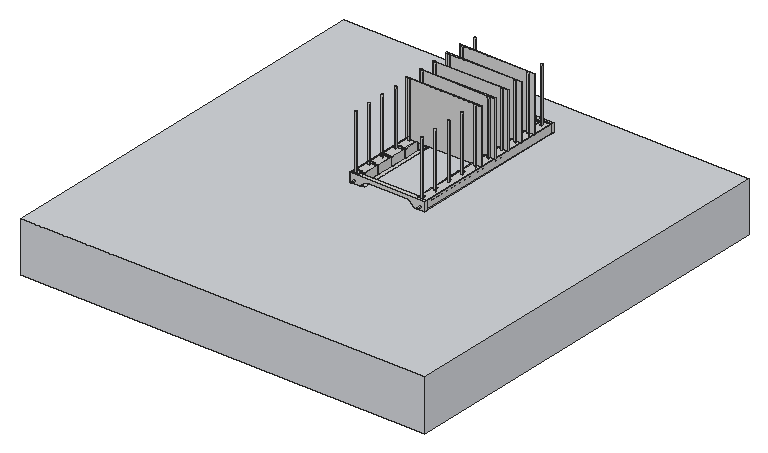
Revit family "QF_BOURGEAT_Etagères_murales_pliable_pour_plaques", category Equipement spécialisé, Revit 2015
Parameters
  URL catalogue = "http://www.bourgeat.fr"
  URL = ""
  Type article = ""
  Spécification du Fabricant = "Etagères murales pliable"
  Profondeur hors tout fermée = 53 mm
  Profondeur hors tout = 380 mm
  Modèle = "845010"
  Longueur hors tout = 455 mm
  Hauteur hors tout = 997 mm
  Fabricant = "BOURGEAT"
  Elévation par défaut = 1600 mm
  Description = ""
  Contact SAV = "0033(4).76.32.14.44"
  Type Comments = ""
  Charge max = 10.00 kg
Reference planes
  plane 1 "Centre (avant/arrière)": y = 0
  plane 2: z = 0
  plane 3 "Centre (gauche/droite)": x = 0
  plane 4: y = 997
  plane 5: x = -227.5
  plane 6: x = 227.5
  plane 7: z = 380
  plane 8: x = -127.5
  plane 9: x = 127.5
  plane 10: z = 40
  plane 11: y = 498.5
Forms (mm)
  Extrusion 1, solid
    sketch origin (0, 0, 0) x (1, 0, 0) y (0, 1, 0)
      loop
        line (-1219.2, 1219.2) -> (-1219.2, -1219.2) -> (1219.2, -1219.2) -> (1219.2, 1219.2) -> (-1219.2, 1219.2)
    from 0 to -304.8
  Extrusion 2, solid, material "Acier inox"
    sketch origin (0, 850.063, 0) x (1, 0, 0) y (0, 0, 1)
      loop
        line (227.5, 380) -> (-227.5, 380) -> (-227.5, 52) -> (227.5, 52) -> (227.5, 380)
    from 0 to -3
  Extrusion 3, solid, material "Acier inox"
    sketch origin (0, 0, 0) x (1, 0, 0) y (0, 0, 1)
      loop
        line (-164.05, 0) -> (-144.75, 0) -> (-144.75, 1.2) -> (-164.05, 1.2)
        arc (-164.05, 1.2) -> (-165.111, 1.639) -> (-165.55, 2.7) r 1.5
        line (-165.55, 2.7) -> (-165.55, 49.8)
        arc (-165.55, 49.8) -> (-166.194, 51.356) -> (-167.75, 52) r 2.2
        line (-167.75, 52) -> (-223.35, 52)
        arc (-223.35, 52) -> (-224.906, 51.356) -> (-225.55, 49.8) r 2.2
        line (-225.55, 49.8) -> (-225.55, 2.7)
        arc (-225.55, 2.7) -> (-224.759, 0.791) -> (-222.85, 0) r 2.7
        line (-222.85, 0) -> (-213.55, 0) -> (-213.55, 1.2) -> (-222.85, 1.2)
        arc (-222.85, 1.2) -> (-223.911, 1.639) -> (-224.35, 2.7) r 1.5
        line (-224.35, 2.7) -> (-224.35, 49.8)
        arc (-224.35, 49.8) -> (-224.057, 50.507) -> (-223.35, 50.8) r 1
        line (-223.35, 50.8) -> (-167.75, 50.8)
        arc (-167.75, 50.8) -> (-167.043, 50.507) -> (-166.75, 49.8) r 1
        line (-166.75, 49.8) -> (-166.75, 2.7)
        arc (-166.75, 2.7) -> (-165.959, 0.791) -> (-164.05, 0) r 2.7
      loop
        arc (164.05, 0) -> (165.959, 0.791) -> (166.75, 2.7) r 2.7
        line (166.75, 2.7) -> (166.75, 49.8)
        arc (166.75, 49.8) -> (167.043, 50.507) -> (167.75, 50.8) r 1
        line (167.75, 50.8) -> (223.35, 50.8)
        arc (223.35, 50.8) -> (224.057, 50.507) -> (224.35, 49.8) r 1
        line (224.35, 49.8) -> (224.35, 2.7)
        arc (224.35, 2.7) -> (223.911, 1.639) -> (222.85, 1.2) r 1.5
        line (222.85, 1.2) -> (213.55, 1.2) -> (213.55, 0) -> (222.85, 0)
        arc (222.85, 0) -> (224.759, 0.791) -> (225.55, 2.7) r 2.7
        line (225.55, 2.7) -> (225.55, 49.8)
        arc (225.55, 49.8) -> (224.906, 51.356) -> (223.35, 52) r 2.2
        line (223.35, 52) -> (167.75, 52)
        arc (167.75, 52) -> (166.194, 51.356) -> (165.55, 49.8) r 2.2
        line (165.55, 49.8) -> (165.55, 2.7)
        arc (165.55, 2.7) -> (165.111, 1.639) -> (164.05, 1.2) r 1.5
        line (164.05, 1.2) -> (144.75, 1.2) -> (144.75, 0) -> (164.05, 0)
    from -989 to -31.15
  Extrusion 4, solid, material "Acier inox"
    sketch origin (0, 0, 0) x (1, 0, 0) y (0, 0, 1)
      loop
        line (-227.75, 53.2) -> (-227.75, 1.2) -> (-226.55, 1.2) -> (-226.55, 52) -> (226.55, 52) -> (226.55, 1.2) -> (227.75, 1.2) -> (227.75, 53.2) -> (-227.75, 53.2)
    from -989.8 to -968
  Extrusion 5, solid, material "Acier inox"
    sketch origin (0, 997, 0) x (1, 0, 0) y (0, 0, -1)
      loop
        line (-227.75, -53.2) -> (227.75, -53.2) -> (227.75, -1.2) -> (226.55, -1.2) -> (226.55, -52) -> (-226.55, -52) -> (-226.55, -1.2) -> (-227.75, -1.2) -> (-227.75, -53.2)
    from -974.2 to -952.4
  Extrusion 6, void
    sketch origin (0, 0, 0) x (1, 0, 0) y (0, 1, 0)
      loop
        line (-227.75, 976) -> (-227.75, 968) -> (-170.422, 968)
        arc (-170.422, 968) -> (-173.429, 968.463) -> (-176.158, 969.808) r 10
        line (-176.158, 969.808) -> (-182.417, 974.192)
        arc (-182.417, 974.192) -> (-185.146, 975.537) -> (-188.153, 976) r 10
        line (-188.153, 976) -> (-227.75, 976)
      loop
        line (227.75, 976) -> (188.153, 976)
        arc (188.153, 976) -> (185.146, 975.537) -> (182.417, 974.192) r 10
        line (182.417, 974.192) -> (176.158, 969.808)
        arc (176.158, 969.808) -> (173.429, 968.463) -> (170.422, 968) r 10
        line (170.422, 968) -> (227.75, 968) -> (227.75, 976)
    from 0 to 53.2
  Extrusion 7, void
    sketch origin (0, 1012.6, 0) x (1, 0, 0) y (0, 1, 0)
      loop
        line (-227.75, -976) -> (-188.153, -976)
        arc (-188.153, -976) -> (-185.146, -975.537) -> (-182.417, -974.192) r 10
        line (-182.417, -974.192) -> (-176.158, -969.808)
        arc (-176.158, -969.808) -> (-173.429, -968.463) -> (-170.422, -968) r 10
        line (-170.422, -968) -> (-227.75, -968) -> (-227.75, -976)
      loop
        line (227.75, -976) -> (227.75, -968) -> (170.422, -968)
        arc (170.422, -968) -> (173.429, -968.463) -> (176.158, -969.808) r 10
        line (176.158, -969.808) -> (182.417, -974.192)
        arc (182.417, -974.192) -> (185.146, -975.537) -> (188.153, -976) r 10
        line (188.153, -976) -> (227.75, -976)
    from 0 to 53.2
  Extrusion 8, solid, material "Acier inox"
    sketch origin (0, 0, 0) x (1, 0, 0) y (0, 0, 1)
      loop
        line (-227.75, 53.2) -> (-227.75, 1.2) -> (-166.142, 1.2)
        arc (-166.142, 1.2) -> (-162.315, 1.961) -> (-159.071, 4.129) r 10
        line (-159.071, 4.129) -> (-135.858, 27.342)
        arc (-135.858, 27.342) -> (-129.369, 31.678) -> (-121.716, 33.2) r 20
        line (-121.716, 33.2) -> (121.716, 33.2)
        arc (121.716, 33.2) -> (129.369, 31.678) -> (135.858, 27.342) r 20
        line (135.858, 27.342) -> (159.071, 4.129)
        arc (159.071, 4.129) -> (162.315, 1.961) -> (166.142, 1.2) r 10
        line (166.142, 1.2) -> (227.75, 1.2) -> (227.75, 53.2) -> (-227.75, 53.2)
    from -992 to -989.8
  Extrusion 9, solid, material "Acier inox"
    sketch origin (0, -969.2, 0) x (1, 0, 0) y (0, 0, 1)
      loop
        line (-227.75, 53.2) -> (-227.75, 1.2) -> (-166.142, 1.2)
        arc (-166.142, 1.2) -> (-162.315, 1.961) -> (-159.071, 4.129) r 10
        line (-159.071, 4.129) -> (-135.858, 27.342)
        arc (-135.858, 27.342) -> (-129.369, 31.678) -> (-121.716, 33.2) r 20
        line (-121.716, 33.2) -> (121.716, 33.2)
        arc (121.716, 33.2) -> (129.369, 31.678) -> (135.858, 27.342) r 20
        line (135.858, 27.342) -> (159.071, 4.129)
        arc (159.071, 4.129) -> (162.315, 1.961) -> (166.142, 1.2) r 10
        line (166.142, 1.2) -> (227.75, 1.2) -> (227.75, 53.2) -> (-227.75, 53.2)
    from -992 to -990.8
  Extrusion 10, solid, material "Acier inox"
    sketch origin (0, 0, 0) x (1, 0, 0) y (0, 1, 0)
      loop
        circle (-209, 945) r 5
    from 1.2 to 380
  Extrusion 11, solid, material "Acier inox"
    sketch origin (400, 0, 0) x (1, 0, 0) y (0, 1, 0)
      loop
        circle (-209, 945) r 5
    from 1.2 to 380
  Extrusion 12, solid, material "Acier inox"
    sketch origin (0, -100, 0) x (1, 0, 0) y (0, 1, 0)
      loop
        circle (-209, 945) r 5
    from 1.2 to 380
  Extrusion 13, solid, material "Acier inox"
    sketch origin (400, -100, 0) x (1, 0, 0) y (0, 1, 0)
      loop
        circle (-209, 945) r 5
    from 1.2 to 380
  Extrusion 14, solid, material "Acier inox"
    sketch origin (0, -200, 0) x (1, 0, 0) y (0, 1, 0)
      loop
        circle (-209, 945) r 5
    from 1.2 to 380
  Extrusion 15, solid, material "Acier inox"
    sketch origin (400, -200, 0) x (1, 0, 0) y (0, 1, 0)
      loop
        circle (-209, 945) r 5
    from 1.2 to 380
  Extrusion 16, solid, material "Acier inox"
    sketch origin (0, -300, 0) x (1, 0, 0) y (0, 1, 0)
      loop
        circle (-209, 945) r 5
    from 1.2 to 380
  Extrusion 17, solid, material "Acier inox"
    sketch origin (400, -300, 0) x (1, 0, 0) y (0, 1, 0)
      loop
        circle (-209, 945) r 5
    from 1.2 to 380
  Extrusion 18, solid, material "Acier inox"
    sketch origin (0, -400, 0) x (1, 0, 0) y (0, 1, 0)
      loop
        circle (-209, 945) r 5
    from 1.2 to 380
  Extrusion 19, solid, material "Acier inox"
    sketch origin (400, -400, 0) x (1, 0, 0) y (0, 1, 0)
      loop
        circle (-209, 945) r 5
    from 1.2 to 380
  Extrusion 20, solid, material "Acier inox"
    sketch origin (0, -500, 0) x (1, 0, 0) y (0, 1, 0)
      loop
        circle (-209, 945) r 5
    from 1.2 to 380
  Extrusion 21, solid, material "Acier inox"
    sketch origin (400, -500, 0) x (1, 0, 0) y (0, 1, 0)
      loop
        circle (-209, 945) r 5
    from 1.2 to 380
  Extrusion 22, solid, material "Acier inox"
    sketch origin (0, -600, 0) x (1, 0, 0) y (0, 1, 0)
      loop
        circle (-209, 945) r 5
    from 1.2 to 380
  Extrusion 23, solid, material "Acier inox"
    sketch origin (400, -600, 0) x (1, 0, 0) y (0, 1, 0)
      loop
        circle (-209, 945) r 5
    from 1.2 to 380
  Extrusion 24, solid, material "Acier inox"
    sketch origin (0, -700, 0) x (1, 0, 0) y (0, 1, 0)
      loop
        circle (-209, 945) r 5
    from 1.2 to 380
  Extrusion 25, solid, material "Acier inox"
    sketch origin (400, -700, 0) x (1, 0, 0) y (0, 1, 0)
      loop
        circle (-209, 945) r 5
    from 1.2 to 380
  Extrusion 26, solid, material "Acier inox"
    sketch origin (0, -800, 0) x (1, 0, 0) y (0, 1, 0)
      loop
        circle (-209, 945) r 5
    from 1.2 to 380
  Extrusion 27, solid, material "Acier inox"
    sketch origin (400, -800, 0) x (1, 0, 0) y (0, 1, 0)
      loop
        circle (-209, 945) r 5
    from 1.2 to 380
  Extrusion 28, solid, material "Acier inox"
    sketch origin (0, -900, 0) x (1, 0, 0) y (0, 1, 0)
      loop
        circle (-209, 945) r 5
    from 1.2 to 380
  Extrusion 29, solid, material "Acier inox"
    sketch origin (400, -900, 0) x (1, 0, 0) y (0, 1, 0)
      loop
        circle (-209, 945) r 5
    from 1.2 to 380
  Extrusion 30, solid, material "Acier inox"
    sketch origin (0, 750.063, 0) x (1, 0, 0) y (0, 0, 1)
      loop
        line (227.5, 380) -> (-227.5, 380) -> (-227.5, 52) -> (227.5, 52) -> (227.5, 380)
    from 0 to -3
  Extrusion 31, solid, material "Acier inox"
    sketch origin (0, 650.063, 0) x (1, 0, 0) y (0, 0, 1)
      loop
        line (227.5, 380) -> (-227.5, 380) -> (-227.5, 52) -> (227.5, 52) -> (227.5, 380)
    from 0 to -3
  Extrusion 32, solid, material "Acier inox"
    sketch origin (0, 550.063, 0) x (1, 0, 0) y (0, 0, 1)
      loop
        line (227.5, 380) -> (-227.5, 380) -> (-227.5, 52) -> (227.5, 52) -> (227.5, 380)
    from 0 to -3
  Extrusion 33, solid, material "Acier inox"
    sketch origin (0, 450, 0) x (1, 0, 0) y (0, 0, 1)
      loop
        line (227.5, 380) -> (-227.5, 380) -> (-227.5, 52) -> (227.5, 52) -> (227.5, 380)
    from 0 to -3
  Extrusion 34, solid, material "Acier inox"
    sketch origin (0, 0, 0) x (1, 0, 0) y (0, 0, 1)
      loop
        circle (-200, 17.2) r 4
      loop
        circle (200, 17.2) r 4
    from -997 to 0
  Extrusion 35, void
    sketch origin (0, 0, 0) x (1, 0, 0) y (0, 1, 0)
      loop
        arc (-156.75, 903.072) -> (-153.25, 890.55) -> (-149.75, 903.072) r 6.75
        line (-149.75, 903.072) -> (-149.75, 909.3)
        arc (-149.75, 909.3) -> (-153.25, 912.8) -> (-156.75, 909.3) r 3.5
        line (-156.75, 909.3) -> (-156.75, 903.072)
      loop
        line (156.75, 903.072) -> (156.75, 909.3)
        arc (156.75, 909.3) -> (153.25, 912.8) -> (149.75, 909.3) r 3.5
        line (149.75, 909.3) -> (149.75, 903.072)
        arc (149.75, 903.072) -> (153.25, 890.55) -> (156.75, 903.072) r 6.75
      loop
        arc (-156.75, 503.072) -> (-153.25, 490.55) -> (-149.75, 503.072) r 6.75
        line (-149.75, 503.072) -> (-149.75, 509.3)
        arc (-149.75, 509.3) -> (-153.25, 512.8) -> (-156.75, 509.3) r 3.5
        line (-156.75, 509.3) -> (-156.75, 503.072)
      loop
        line (156.75, 503.072) -> (156.75, 509.3)
        arc (156.75, 509.3) -> (153.25, 512.8) -> (149.75, 509.3) r 3.5
        line (149.75, 509.3) -> (149.75, 503.072)
        arc (149.75, 503.072) -> (153.25, 490.55) -> (156.75, 503.072) r 6.75
      loop
        line (156.75, 103.072) -> (156.75, 109.3)
        arc (156.75, 109.3) -> (153.25, 112.8) -> (149.75, 109.3) r 3.5
        line (149.75, 109.3) -> (149.75, 103.072)
        arc (149.75, 103.072) -> (153.25, 90.55) -> (156.75, 103.072) r 6.75
      loop
        arc (-156.75, 103.072) -> (-153.25, 90.55) -> (-149.75, 103.072) r 6.75
        line (-149.75, 103.072) -> (-149.75, 109.3)
        arc (-149.75, 109.3) -> (-153.25, 112.8) -> (-156.75, 109.3) r 3.5
        line (-156.75, 109.3) -> (-156.75, 103.072)
    from 0 to 1.2
  Extrusion 36, void
    sketch origin (0, 0, 0) x (1, 0, 0) y (0, 1, 0)
      loop
        arc (180.85, 53.1) -> (184.386, 51.636) -> (185.85, 48.1) r 5
        line (185.85, 48.1) -> (185.85, 44)
        arc (185.85, 44) -> (187.022, 41.172) -> (189.85, 40) r 4
        line (189.85, 40) -> (191, 40) -> (192.15, 40)
        arc (192.15, 40) -> (194.978, 41.172) -> (196.15, 44) r 4
        line (196.15, 44) -> (196.15, 54.1)
        arc (196.15, 54.1) -> (192.635, 62.585) -> (184.15, 66.1) r 12
        line (184.15, 66.1) -> (-202.15, 66.1)
        arc (-202.15, 66.1) -> (-210.635, 62.585) -> (-214.15, 54.1) r 12
        line (-214.15, 54.1) -> (-214.15, 44)
        arc (-214.15, 44) -> (-212.978, 41.172) -> (-210.15, 40) r 4
        line (-210.15, 40) -> (-209, 40) -> (-207.85, 40)
        arc (-207.85, 40) -> (-205.022, 41.172) -> (-203.85, 44) r 4
        line (-203.85, 44) -> (-203.85, 48.1)
        arc (-203.85, 48.1) -> (-202.386, 51.636) -> (-198.85, 53.1) r 5
        line (-198.85, 53.1) -> (180.85, 53.1)
      loop
        arc (180.85, 153.1) -> (184.386, 151.636) -> (185.85, 148.1) r 5
        line (185.85, 148.1) -> (185.85, 144)
        arc (185.85, 144) -> (187.022, 141.172) -> (189.85, 140) r 4
        line (189.85, 140) -> (191, 140) -> (192.15, 140)
        arc (192.15, 140) -> (194.978, 141.172) -> (196.15, 144) r 4
        line (196.15, 144) -> (196.15, 154.1)
        arc (196.15, 154.1) -> (192.635, 162.585) -> (184.15, 166.1) r 12
        line (184.15, 166.1) -> (-202.15, 166.1)
        arc (-202.15, 166.1) -> (-210.635, 162.585) -> (-214.15, 154.1) r 12
        line (-214.15, 154.1) -> (-214.15, 144)
        arc (-214.15, 144) -> (-212.978, 141.172) -> (-210.15, 140) r 4
        line (-210.15, 140) -> (-209, 140) -> (-207.85, 140)
        arc (-207.85, 140) -> (-205.022, 141.172) -> (-203.85, 144) r 4
        line (-203.85, 144) -> (-203.85, 148.1)
        arc (-203.85, 148.1) -> (-202.386, 151.636) -> (-198.85, 153.1) r 5
        line (-198.85, 153.1) -> (180.85, 153.1)
      loop
        arc (180.85, 253.1) -> (184.386, 251.636) -> (185.85, 248.1) r 5
        line (185.85, 248.1) -> (185.85, 244)
        arc (185.85, 244) -> (187.022, 241.172) -> (189.85, 240) r 4
        line (189.85, 240) -> (191, 240) -> (192.15, 240)
        arc (192.15, 240) -> (194.978, 241.172) -> (196.15, 244) r 4
        line (196.15, 244) -> (196.15, 254.1)
        arc (196.15, 254.1) -> (192.635, 262.585) -> (184.15, 266.1) r 12
        line (184.15, 266.1) -> (-202.15, 266.1)
        arc (-202.15, 266.1) -> (-210.635, 262.585) -> (-214.15, 254.1) r 12
        line (-214.15, 254.1) -> (-214.15, 244)
        arc (-214.15, 244) -> (-212.978, 241.172) -> (-210.15, 240) r 4
        line (-210.15, 240) -> (-209, 240) -> (-207.85, 240)
        arc (-207.85, 240) -> (-205.022, 241.172) -> (-203.85, 244) r 4
        line (-203.85, 244) -> (-203.85, 248.1)
        arc (-203.85, 248.1) -> (-202.386, 251.636) -> (-198.85, 253.1) r 5
        line (-198.85, 253.1) -> (180.85, 253.1)
      loop
        arc (180.85, 353.1) -> (184.386, 351.636) -> (185.85, 348.1) r 5
        line (185.85, 348.1) -> (185.85, 344)
        arc (185.85, 344) -> (187.022, 341.172) -> (189.85, 340) r 4
        line (189.85, 340) -> (191, 340) -> (192.15, 340)
        arc (192.15, 340) -> (194.978, 341.172) -> (196.15, 344) r 4
        line (196.15, 344) -> (196.15, 354.1)
        arc (196.15, 354.1) -> (192.635, 362.585) -> (184.15, 366.1) r 12
        line (184.15, 366.1) -> (-202.15, 366.1)
        arc (-202.15, 366.1) -> (-210.635, 362.585) -> (-214.15, 354.1) r 12
        line (-214.15, 354.1) -> (-214.15, 344)
        arc (-214.15, 344) -> (-212.978, 341.172) -> (-210.15, 340) r 4
        line (-210.15, 340) -> (-209, 340) -> (-207.85, 340)
        arc (-207.85, 340) -> (-205.022, 341.172) -> (-203.85, 344) r 4
        line (-203.85, 344) -> (-203.85, 348.1)
        arc (-203.85, 348.1) -> (-202.386, 351.636) -> (-198.85, 353.1) r 5
        line (-198.85, 353.1) -> (180.85, 353.1)
      loop
        arc (180.85, 453.1) -> (184.386, 451.636) -> (185.85, 448.1) r 5
        line (185.85, 448.1) -> (185.85, 444)
        arc (185.85, 444) -> (187.022, 441.172) -> (189.85, 440) r 4
        line (189.85, 440) -> (191, 440) -> (192.15, 440)
        arc (192.15, 440) -> (194.978, 441.172) -> (196.15, 444) r 4
        line (196.15, 444) -> (196.15, 454.1)
        arc (196.15, 454.1) -> (192.635, 462.585) -> (184.15, 466.1) r 12
        line (184.15, 466.1) -> (-202.15, 466.1)
        arc (-202.15, 466.1) -> (-210.635, 462.585) -> (-214.15, 454.1) r 12
        line (-214.15, 454.1) -> (-214.15, 444)
        arc (-214.15, 444) -> (-212.978, 441.172) -> (-210.15, 440) r 4
        line (-210.15, 440) -> (-209, 440) -> (-207.85, 440)
        arc (-207.85, 440) -> (-205.022, 441.172) -> (-203.85, 444) r 4
        line (-203.85, 444) -> (-203.85, 448.1)
        arc (-203.85, 448.1) -> (-202.386, 451.636) -> (-198.85, 453.1) r 5
        line (-198.85, 453.1) -> (180.85, 453.1)
      loop
        arc (180.85, 553.1) -> (184.386, 551.636) -> (185.85, 548.1) r 5
        line (185.85, 548.1) -> (185.85, 544)
        arc (185.85, 544) -> (187.022, 541.172) -> (189.85, 540) r 4
        line (189.85, 540) -> (191, 540) -> (192.15, 540)
        arc (192.15, 540) -> (194.978, 541.172) -> (196.15, 544) r 4
        line (196.15, 544) -> (196.15, 554.1)
        arc (196.15, 554.1) -> (192.635, 562.585) -> (184.15, 566.1) r 12
        line (184.15, 566.1) -> (-202.15, 566.1)
        arc (-202.15, 566.1) -> (-210.635, 562.585) -> (-214.15, 554.1) r 12
        line (-214.15, 554.1) -> (-214.15, 544)
        arc (-214.15, 544) -> (-212.978, 541.172) -> (-210.15, 540) r 4
        line (-210.15, 540) -> (-209, 540) -> (-207.85, 540)
        arc (-207.85, 540) -> (-205.022, 541.172) -> (-203.85, 544) r 4
        line (-203.85, 544) -> (-203.85, 548.1)
        arc (-203.85, 548.1) -> (-202.386, 551.636) -> (-198.85, 553.1) r 5
        line (-198.85, 553.1) -> (180.85, 553.1)
      loop
        arc (180.85, 653.1) -> (184.386, 651.636) -> (185.85, 648.1) r 5
        line (185.85, 648.1) -> (185.85, 644)
        arc (185.85, 644) -> (187.022, 641.172) -> (189.85, 640) r 4
        line (189.85, 640) -> (191, 640) -> (192.15, 640)
        arc (192.15, 640) -> (194.978, 641.172) -> (196.15, 644) r 4
        line (196.15, 644) -> (196.15, 654.1)
        arc (196.15, 654.1) -> (192.635, 662.585) -> (184.15, 666.1) r 12
        line (184.15, 666.1) -> (-202.15, 666.1)
        arc (-202.15, 666.1) -> (-210.635, 662.585) -> (-214.15, 654.1) r 12
        line (-214.15, 654.1) -> (-214.15, 644)
        arc (-214.15, 644) -> (-212.978, 641.172) -> (-210.15, 640) r 4
        line (-210.15, 640) -> (-209, 640) -> (-207.85, 640)
        arc (-207.85, 640) -> (-205.022, 641.172) -> (-203.85, 644) r 4
        line (-203.85, 644) -> (-203.85, 648.1)
        arc (-203.85, 648.1) -> (-202.386, 651.636) -> (-198.85, 653.1) r 5
        line (-198.85, 653.1) -> (180.85, 653.1)
      loop
        arc (180.85, 753.1) -> (184.386, 751.636) -> (185.85, 748.1) r 5
        line (185.85, 748.1) -> (185.85, 744)
        arc (185.85, 744) -> (187.022, 741.172) -> (189.85, 740) r 4
        line (189.85, 740) -> (191, 740) -> (192.15, 740)
        arc (192.15, 740) -> (194.978, 741.172) -> (196.15, 744) r 4
        line (196.15, 744) -> (196.15, 754.1)
        arc (196.15, 754.1) -> (192.635, 762.585) -> (184.15, 766.1) r 12
        line (184.15, 766.1) -> (-202.15, 766.1)
        arc (-202.15, 766.1) -> (-210.635, 762.585) -> (-214.15, 754.1) r 12
        line (-214.15, 754.1) -> (-214.15, 744)
        arc (-214.15, 744) -> (-212.978, 741.172) -> (-210.15, 740) r 4
        line (-210.15, 740) -> (-209, 740) -> (-207.85, 740)
        arc (-207.85, 740) -> (-205.022, 741.172) -> (-203.85, 744) r 4
        line (-203.85, 744) -> (-203.85, 748.1)
        arc (-203.85, 748.1) -> (-202.386, 751.636) -> (-198.85, 753.1) r 5
        line (-198.85, 753.1) -> (180.85, 753.1)
      loop
        arc (180.85, 853.1) -> (184.386, 851.636) -> (185.85, 848.1) r 5
        line (185.85, 848.1) -> (185.85, 844)
        arc (185.85, 844) -> (187.022, 841.172) -> (189.85, 840) r 4
        line (189.85, 840) -> (191, 840) -> (192.15, 840)
        arc (192.15, 840) -> (194.978, 841.172) -> (196.15, 844) r 4
        line (196.15, 844) -> (196.15, 854.1)
        arc (196.15, 854.1) -> (192.635, 862.585) -> (184.15, 866.1) r 12
        line (184.15, 866.1) -> (-202.15, 866.1)
        arc (-202.15, 866.1) -> (-210.635, 862.585) -> (-214.15, 854.1) r 12
        line (-214.15, 854.1) -> (-214.15, 844)
        arc (-214.15, 844) -> (-212.978, 841.172) -> (-210.15, 840) r 4
        line (-210.15, 840) -> (-209, 840) -> (-207.85, 840)
        arc (-207.85, 840) -> (-205.022, 841.172) -> (-203.85, 844) r 4
        line (-203.85, 844) -> (-203.85, 848.1)
        arc (-203.85, 848.1) -> (-202.386, 851.636) -> (-198.85, 853.1) r 5
        line (-198.85, 853.1) -> (180.85, 853.1)
      loop
        arc (180.85, 953.1) -> (184.386, 951.636) -> (185.85, 948.1) r 5
        line (185.85, 948.1) -> (185.85, 944)
        arc (185.85, 944) -> (187.022, 941.172) -> (189.85, 940) r 4
        line (189.85, 940) -> (191, 940) -> (192.15, 940)
        arc (192.15, 940) -> (194.978, 941.172) -> (196.15, 944) r 4
        line (196.15, 944) -> (196.15, 954.1)
        arc (196.15, 954.1) -> (192.635, 962.585) -> (184.15, 966.1) r 12
        line (184.15, 966.1) -> (-202.15, 966.1)
        arc (-202.15, 966.1) -> (-210.635, 962.585) -> (-214.15, 954.1) r 12
        line (-214.15, 954.1) -> (-214.15, 944)
        arc (-214.15, 944) -> (-212.978, 941.172) -> (-210.15, 940) r 4
        line (-210.15, 940) -> (-209, 940) -> (-207.85, 940)
        arc (-207.85, 940) -> (-205.022, 941.172) -> (-203.85, 944) r 4
        line (-203.85, 944) -> (-203.85, 948.1)
        arc (-203.85, 948.1) -> (-202.386, 951.636) -> (-198.85, 953.1) r 5
        line (-198.85, 953.1) -> (180.85, 953.1)
    from 1.2 to 52
Cuts and joins
  Extrusion 6, Extrusion 7, Extrusion 36 cuts Extrusion 4
  Extrusion 7, Extrusion 36 cuts Extrusion 5
  Extrusion 36 cuts Extrusion 8
  Extrusion 36 cuts Extrusion 9
  Extrusion 36 cuts Extrusion 34
  joined: Extrusion 4, Extrusion 5, Extrusion 8, Extrusion 9, Extrusion 34
  Extrusion 35, Extrusion 36 cuts Extrusion 3
Dimensions and locks
  "Hauteur hors tout": plane 4 to plane 1 "Centre (avant/arrière)"
  equal spacing: plane 5, plane 3 "Centre (gauche/droite)", plane 6
  "Longueur hors tout": plane 5 to plane 6
  "Profondeur hors tout": plane 7 to plane 2
  plane 5 to plane 8 = 100 mm
  plane 9 to plane 6 = 100 mm
  plane 10 to plane 2 = 40 mm
  equal spacing: plane 4, plane 11, plane 1 "Centre (avant/arrière)"
  aligned and locked: plane 2 to Extrusion 1
  aligned and locked: level to Extrusion 1
  aligned and locked: cut or joined group of Extrusion 4, Extrusion 5, Extrusion 6, Extrusion 7, Extrusion 8, Extrusion 9, Extrusion 34, Extrusion 36 to Extrusion 6
  aligned and locked: plane 1 "Centre (avant/arrière)" to Extrusion 34
  aligned and locked: plane 4 to Extrusion 34
  aligned and locked: Extrusion 35 to level
  aligned and locked: Extrusion 3 to Extrusion 35
Automatic sketch dimensions
  Extrusion 1 sketch curve to Extrusion 1 sketch curve = 2438.4 mm  (x2)
  Extrusion 6 sketch curve to plane 5 = 0.25 mm
  plane 5 to Extrusion 6 sketch curve = 39.347 mm
  Extrusion 6 sketch curve to plane 4 = 22.808 mm  (x2)
  Extrusion 6 sketch curve to Extrusion 6 sketch curve = 5.736 mm  (x4)
  Extrusion 6 sketch curve to Extrusion 6 sketch curve = 6.26 mm  (x2)
  plane 9 to Extrusion 6 sketch curve = 42.922 mm
  Extrusion 6 sketch curve to plane 4 = 27.192 mm
  plane 6 to Extrusion 6 sketch curve = 0.25 mm
  Extrusion 6 sketch curve to Extrusion 6 sketch curve = 4.383 mm
  Extrusion 6 sketch curve to Extrusion 6 sketch curve = 1.808 mm
  Extrusion 6 sketch curve to plane 4 = 29 mm
  Extrusion 6 sketch curve to Extrusion 6 sketch curve = 8.192 mm  (x2)
  Extrusion 11 sketch curve to plane 6 = 36.5 mm
  Extrusion 11 sketch curve to plane 4 = 52 mm
  plane 5 to Extrusion 12 sketch curve = 18.5 mm
  Extrusion 12 sketch curve to plane 4 = 152 mm
  Extrusion 13 sketch curve to plane 6 = 36.5 mm
  Extrusion 13 sketch curve to plane 4 = 152 mm
  plane 5 to Extrusion 14 sketch curve = 18.5 mm
  plane 11 to Extrusion 14 sketch curve = 246.5 mm
  Extrusion 15 sketch curve to plane 6 = 36.5 mm
  plane 11 to Extrusion 15 sketch curve = 246.5 mm
  plane 5 to Extrusion 16 sketch curve = 18.5 mm
  plane 11 to Extrusion 16 sketch curve = 146.5 mm
  Extrusion 17 sketch curve to plane 6 = 36.5 mm
  plane 11 to Extrusion 17 sketch curve = 146.5 mm
  plane 5 to Extrusion 18 sketch curve = 18.5 mm
  plane 11 to Extrusion 18 sketch curve = 46.5 mm
  Extrusion 19 sketch curve to plane 6 = 36.5 mm
  plane 11 to Extrusion 19 sketch curve = 46.5 mm
  plane 5 to Extrusion 20 sketch curve = 18.5 mm
  Extrusion 20 sketch curve to plane 11 = 53.5 mm
  Extrusion 21 sketch curve to plane 6 = 36.5 mm
  Extrusion 21 sketch curve to plane 11 = 53.5 mm
  plane 5 to Extrusion 22 sketch curve = 18.5 mm
  Extrusion 22 sketch curve to plane 11 = 153.5 mm
  Extrusion 23 sketch curve to plane 6 = 36.5 mm
  Extrusion 23 sketch curve to plane 11 = 153.5 mm
  Extrusion 2 sketch curve to plane 5 = 0 mm
  Extrusion 2 sketch curve to plane 6 = 0 mm
  Extrusion 2 sketch curve to plane 7 = 0 mm
  plane 10 to Extrusion 2 sketch curve = 12 mm
  Extrusion 3 sketch curve to Extrusion 3 sketch curve = 0 mm  (x16)
  Extrusion 3 sketch curve to level = 0 mm  (x4)
  plane 5 to Extrusion 3 sketch curve = 1.95 mm
  Extrusion 3 sketch curve to Extrusion 3 sketch curve = 1.2 mm
  Extrusion 3 sketch curve to Extrusion 3 sketch curve = 1 mm  (x3)
  Extrusion 3 sketch curve to Extrusion 3 sketch curve = 1.5 mm  (x4)
  Extrusion 3 sketch curve to Extrusion 3 sketch curve = 9.3 mm
  plane 10 to Extrusion 3 sketch curve = 12 mm
  Extrusion 3 sketch curve to plane 8 = 40.25 mm
  Extrusion 3 sketch curve to plane 8 = 17.25 mm
  level to Extrusion 3 sketch curve = 1.2 mm
  plane 9 to Extrusion 3 sketch curve = 17.25 mm
  Extrusion 3 sketch curve to Extrusion 3 sketch curve = 19.3 mm
  Extrusion 3 sketch curve to plane 6 = 13.95 mm
  Extrusion 3 sketch curve to plane 6 = 4.65 mm
  Extrusion 3 sketch curve to plane 6 = 4.15 mm
  plane 10 to Extrusion 3 sketch curve = 9.8 mm
  Extrusion 4 sketch curve to plane 5 = 0.25 mm
  plane 5 to Extrusion 4 sketch curve = 0.95 mm
  Extrusion 4 sketch curve to plane 6 = 0.95 mm
  plane 6 to Extrusion 4 sketch curve = 0.25 mm
  level to Extrusion 4 sketch curve = 1.2 mm  (x2)
  plane 10 to Extrusion 4 sketch curve = 12 mm
  Extrusion 4 sketch curve to Extrusion 4 sketch curve = 1.2 mm
  Extrusion 5 sketch curve to plane 5 = 0.25 mm
  plane 5 to Extrusion 5 sketch curve = 0.95 mm
  Extrusion 5 sketch curve to plane 6 = 0.95 mm
  plane 6 to Extrusion 5 sketch curve = 0.25 mm
  plane 10 to Extrusion 5 sketch curve = 13.2 mm
  Extrusion 5 sketch curve to Extrusion 5 sketch curve = 1.2 mm
  level to Extrusion 5 sketch curve = 1.2 mm  (x2)
  plane 5 to Extrusion 7 sketch curve = 0.25 mm
  Extrusion 7 sketch curve to plane 5 = 39.347 mm
  Extrusion 7 sketch curve to Extrusion 7 sketch curve = 5.736 mm  (x4)
  Extrusion 7 sketch curve to Extrusion 7 sketch curve = 6.26 mm  (x2)
  Extrusion 7 sketch curve to plane 9 = 42.922 mm
  Extrusion 7 sketch curve to plane 6 = 0.25 mm
  plane 1 "Centre (avant/arrière)" to Extrusion 7 sketch curve = 46.6 mm  (x2)
  Extrusion 7 sketch curve to Extrusion 7 sketch curve = 2 mm  (x2)
  Extrusion 7 sketch curve to Extrusion 7 sketch curve = 1.808 mm  (x2)
  Extrusion 7 sketch curve to Extrusion 7 sketch curve = 4.383 mm  (x2)
  Extrusion 8 sketch curve to plane 5 = 0.25 mm
  level to Extrusion 8 sketch curve = 1.2 mm  (x2)
  Extrusion 8 sketch curve to plane 8 = 38.642 mm
  level to Extrusion 8 sketch curve = 4.129 mm  (x2)
  Extrusion 8 sketch curve to Extrusion 8 sketch curve = 7.071 mm  (x2)
  Extrusion 8 sketch curve to plane 8 = 8.358 mm
  plane 8 to Extrusion 8 sketch curve = 5.784 mm
  Extrusion 8 sketch curve to plane 9 = 5.784 mm
  plane 9 to Extrusion 8 sketch curve = 8.358 mm
  plane 9 to Extrusion 8 sketch curve = 31.571 mm
  plane 6 to Extrusion 8 sketch curve = 0.25 mm
  level to Extrusion 8 sketch curve = 13.2 mm  (x2)
  Extrusion 8 sketch curve to plane 10 = 12.658 mm
  plane 10 to Extrusion 8 sketch curve = 13.2 mm
  Extrusion 9 sketch curve to plane 5 = 0.25 mm
  level to Extrusion 9 sketch curve = 1.2 mm  (x2)
  Extrusion 9 sketch curve to plane 8 = 38.642 mm
  level to Extrusion 9 sketch curve = 4.129 mm  (x2)
  Extrusion 9 sketch curve to Extrusion 9 sketch curve = 7.071 mm  (x2)
  Extrusion 9 sketch curve to plane 8 = 8.358 mm
  plane 8 to Extrusion 9 sketch curve = 5.784 mm
  Extrusion 9 sketch curve to plane 9 = 5.784 mm
  plane 9 to Extrusion 9 sketch curve = 8.358 mm
  plane 9 to Extrusion 9 sketch curve = 31.571 mm
  plane 6 to Extrusion 9 sketch curve = 0.25 mm
  level to Extrusion 9 sketch curve = 13.2 mm  (x2)
  Extrusion 9 sketch curve to plane 10 = 12.658 mm
  plane 10 to Extrusion 9 sketch curve = 13.2 mm
  plane 5 to Extrusion 24 sketch curve = 18.5 mm
  Extrusion 24 sketch curve to plane 1 "Centre (avant/arrière)" = 245 mm
  Extrusion 25 sketch curve to plane 6 = 36.5 mm
  Extrusion 25 sketch curve to plane 1 "Centre (avant/arrière)" = 245 mm
  plane 5 to Extrusion 26 sketch curve = 18.5 mm
  Extrusion 26 sketch curve to plane 1 "Centre (avant/arrière)" = 145 mm
  Extrusion 27 sketch curve to plane 6 = 36.5 mm
  Extrusion 27 sketch curve to plane 1 "Centre (avant/arrière)" = 145 mm
  plane 5 to Extrusion 28 sketch curve = 18.5 mm
  Extrusion 28 sketch curve to plane 1 "Centre (avant/arrière)" = 45 mm
  Extrusion 29 sketch curve to plane 6 = 36.5 mm
  Extrusion 29 sketch curve to plane 1 "Centre (avant/arrière)" = 45 mm
  Extrusion 30 sketch curve to plane 5 = 0 mm
  Extrusion 30 sketch curve to plane 6 = 0 mm
  Extrusion 30 sketch curve to plane 7 = 0 mm
  plane 10 to Extrusion 30 sketch curve = 12 mm
  Extrusion 31 sketch curve to plane 5 = 0 mm
  Extrusion 31 sketch curve to plane 6 = 0 mm
  Extrusion 31 sketch curve to plane 7 = 0 mm
  plane 10 to Extrusion 31 sketch curve = 12 mm
  Extrusion 32 sketch curve to plane 5 = 0 mm
  Extrusion 32 sketch curve to plane 6 = 0 mm
  Extrusion 32 sketch curve to plane 7 = 0 mm
  plane 10 to Extrusion 32 sketch curve = 12 mm
  Extrusion 33 sketch curve to plane 5 = 0 mm
  Extrusion 33 sketch curve to plane 6 = 0 mm
  Extrusion 33 sketch curve to plane 7 = 0 mm
  plane 10 to Extrusion 33 sketch curve = 12 mm
  Extrusion 35 sketch curve to plane 8 = 29.25 mm  (x3)
  Extrusion 35 sketch curve to Extrusion 35 sketch curve = 3.5 mm  (x12)
  Extrusion 35 sketch curve to plane 4 = 99.7 mm  (x2)
  Extrusion 35 sketch curve to Extrusion 35 sketch curve = 5.772 mm  (x4)
  Extrusion 35 sketch curve to Extrusion 35 sketch curve = 6.228 mm  (x6)
  plane 9 to Extrusion 35 sketch curve = 22.25 mm  (x3)
  plane 11 to Extrusion 35 sketch curve = 4.572 mm  (x2)
  Extrusion 35 sketch curve to plane 11 = 1.2 mm  (x2)
  Extrusion 35 sketch curve to plane 1 "Centre (avant/arrière)" = 109.3 mm
  Extrusion 35 sketch curve to plane 1 "Centre (avant/arrière)" = 97.3 mm
  plane 5 to Extrusion 36 sketch curve = 13.35 mm  (x10)
  Extrusion 36 sketch curve to Extrusion 36 sketch curve = 4 mm  (x40)
  Extrusion 36 sketch curve to Extrusion 36 sketch curve = 1.15 mm  (x30)
  Extrusion 36 sketch curve to Extrusion 36 sketch curve = 2.3 mm  (x10)
  Extrusion 36 sketch curve to Extrusion 36 sketch curve = 1.7 mm  (x6)
  Extrusion 36 sketch curve to Extrusion 36 sketch curve = 12 mm
  Extrusion 36 sketch curve to Extrusion 36 sketch curve = 5 mm  (x11)
  Extrusion 36 sketch curve to Extrusion 36 sketch curve = 3.3 mm  (x17)
  Extrusion 36 sketch curve to plane 6 = 46.65 mm  (x10)
  Extrusion 36 sketch curve to plane 1 "Centre (avant/arrière)" = 40 mm
  Extrusion 36 sketch curve to Extrusion 36 sketch curve = 4.1 mm  (x20)
  Extrusion 36 sketch curve to Extrusion 36 sketch curve = 1 mm  (x11)
  Extrusion 36 sketch curve to Extrusion 36 sketch curve = 73.9 mm  (x6)
  Extrusion 36 sketch curve to Extrusion 36 sketch curve = 10.1 mm  (x3)
  Extrusion 36 sketch curve to plane 11 = 58.5 mm
  plane 11 to Extrusion 36 sketch curve = 41.5 mm
  Extrusion 36 sketch curve to plane 4 = 57 mm
  Extrusion 36 sketch curve to Extrusion 36 sketch curve = 6 mm
  radius of Extrusion 11 sketch curve = 5 mm
  radius of Extrusion 12 sketch curve = 5 mm
  radius of Extrusion 13 sketch curve = 5 mm
  radius of Extrusion 14 sketch curve = 5 mm
  radius of Extrusion 15 sketch curve = 5 mm
  radius of Extrusion 16 sketch curve = 5 mm
  radius of Extrusion 17 sketch curve = 5 mm
  radius of Extrusion 18 sketch curve = 5 mm
  radius of Extrusion 19 sketch curve = 5 mm
  radius of Extrusion 20 sketch curve = 5 mm
  radius of Extrusion 21 sketch curve = 5 mm
  radius of Extrusion 22 sketch curve = 5 mm
  radius of Extrusion 23 sketch curve = 5 mm
  radius of Extrusion 24 sketch curve = 5 mm
  radius of Extrusion 25 sketch curve = 5 mm
  radius of Extrusion 26 sketch curve = 5 mm
  radius of Extrusion 27 sketch curve = 5 mm
  radius of Extrusion 28 sketch curve = 5 mm
  radius of Extrusion 29 sketch curve = 5 mm
